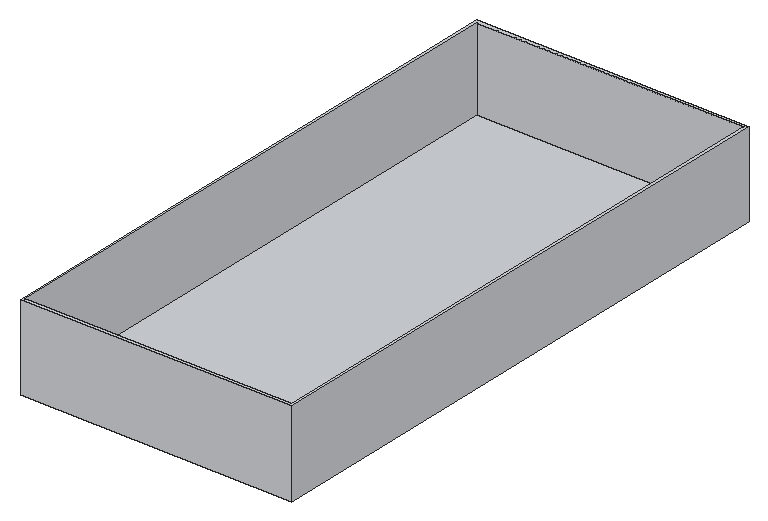
Revit family "Hager-Volta-IP30-Surface_mounted-leer-CH-de", category Electrical Equipment, host Face, Revit 2020
Family settings
  Host = Face
  Panel Configuration = Two Columns, Circuits Across
  Round Connector Dimension = Use Diameter
  Part Type = Panelboard
  Cut with Voids When Loaded = No
  Shared = No
  Room Calculation Point = No
Parameters (values of type "Aufputz IP30 B305 H640 T96.5 12 Teilungseinheiten - VA48MD")
  Width Control [instance] = if([HG000006 - Unterputz], if([EF000846 - Einbaubreite] > min_whd, [EF000846 - Einbaubreite], min_whd), if([EF000008 - Breite] > min_whd, ([EF000008 - Breite]), min_whd))  # 305 mm
  Void Depth [instance] = if([HG000006 - Unterputz], Depth Control, 1 mm)  # 1 mm
  Type Comments = [HG000003 - Bereich]  # "Volta"
  System Height [instance] = Height Control - 2 * [HG000005 - Dicke]  # 634 mm
  Model = [HG000004 - Herstellerreferenz]  # "VA48MD"
  HG000017 - Distanz zwischen den Polen = 18 mm
  HG000016 - 3D-Türsichtbarkeit [instance] = yes
  HG000015 - Sichtbarkeit der Türöffnung [instance] = no
  HG000014 - Tür rechts [instance] = yes
  HG000013 - Tür links [instance] = not([HG000014 - Tür rechts])  # no
  HG000012 - Türschwenkwinkel [instance] = 45.00°
  HG000011 - Leere Reihen von unten = no
  HG000010 - Asymmetrische Türen = no
  HG000009 - Doppelflügeligen Tür = no
  HG000008 - Anzahl der leeren Reihen = 0
  HG000007 - Anzahl der leeren Spalten = 0
  HG000006 - Unterputz = no
  HG000005 - Dicke = 3 mm  # constant formula
  HG000004 - Herstellerreferenz = "VA48MD"
  HG000003 - Bereich = "Volta"
  HG000002 - Mit tür = no
  HG000001 - Anzahl der Spalten = 0
  EF015941 - Signaldurchlassende Tür = no
  EF015777 - Neutralleiterklemmenblock = no
  EF015776 - Erdungsklemmenblock = no
  EF009212 - Ausführung Deckel = "EV009916 - mit Ausschnitt"
  EF006306 - Mit Schloss = no
  EF006244 - Transparenter Deckel/Tür = no
  EF005474 - Schutzart (IP) = "EV006410 - IP30"
  EF004462 - Art der Schließung = ""
  EF002950 - Breite in Teilungseinheiten = 12
  EF001596 - Werkstoff des Gehäuses = ""
  EF001134 - DIN-Schiene = no
  EF001131 - Innentiefe = 0 mm
  EF001088 - Anbaumöglichkeit = yes
  EF001062 - EMV-Ausführung = no
  EF000846 - Einbaubreite = 0 mm
  EF000339 - Art der Abdeckung = "EV000494 - ohne"
  EF000332 - Einbauhöhe = 0 mm
  EF000266 - Anzahl der Reihen = 0
  EF000218 - Einbautiefe = 0 mm
  EF000118 - Mit Montageplatte = yes
  EF000116 - RAL-Nummer = "9010"
  EF000049 - Tiefe = 96 mm
  EF000040 - Höhe = 640 mm
  EF000008 - Breite = 305 mm
  EF000007 - Farbe = ""
  EF000003 - Montageart = "EV000384 - Aufputz"
  Arrow Offset [instance] = Depth Control / 8  # 12 mm
  Arrow Height [instance] = Depth Control - Arrow Offset  # 84 mm
  Host Offset [instance] = if([HG000006 - Unterputz], 0 mm, [EF000049 - Tiefe])  # 96 mm
  min_whd [instance] = (2 * [HG000005 - Dicke]) + 1 mm  # 7 mm
  Manufacturer = "Hager"  # constant formula
  Height Control [instance] = if([HG000006 - Unterputz], if([EF000332 - Einbauhöhe] > min_whd, [EF000332 - Einbauhöhe], min_whd), if([EF000040 - Höhe] > min_whd, ([EF000040 - Höhe]), min_whd))  # 640 mm
  Flush Mounted - Door Frame Width [instance] = if(([EF000040 - Höhe] - [EF000332 - Einbauhöhe]) > 0 mm, if([HG000006 - Unterputz], [EF000040 - Höhe] - [EF000332 - Einbauhöhe], 0 mm), 0 mm)  # 0 mm
  Depth Control [instance] = if([HG000006 - Unterputz], if([EF000218 - Einbautiefe] > 0 mm, [EF000218 - Einbautiefe], 1 mm), if([EF000049 - Tiefe] > 0 mm, ([EF000049 - Tiefe]), 1 mm))  # 96 mm
  Default Elevation = 0 mm
Reference planes
  plane 1 "Center (Front/Back)": y = 0
  plane 2: z = 0
  plane 3 "Center (Left/Right)": x = 0
  plane 4: z = 96
  plane 5: y = 3
  plane 6: z = 91
  plane 7: y = 320
  plane 8: y = 0
  plane 9: y = 640
  plane 10: z = 0
  plane 11: x = -152.5
  plane 12: x = 152.5
  plane 13: x = 149.5
  plane 14: x = -149.5
  plane 15: y = 637
  plane 16: z = 3
  plane 17: z = 93
  plane 18: z = -1
  plane 19: z = 93
Forms (mm)
  Extrusion 1, solid
    sketch origin (-583.045, 0, 1219.2) x (-1, 0, 0) y (0, 0, 1)
      loop
        line (-430.545, -1123.2) -> (-735.545, -1123.2) -> (-735.545, -1219.2) -> (-430.545, -1219.2) -> (-430.545, -1123.2)
    from 0 to 640 <- "Height Control"
  Extrusion 2, void
    sketch origin (-381.607, -4572, 96) x (0, -1, 0) y (-1, 0, 0)
      loop
        line (-5209, -232.107) -> (-5209, -531.107) -> (-4575, -531.107) -> (-4575, -232.107) -> (-5209, -232.107)
    from 0 to 93
  Extrusion 3, void
    sketch origin (0, 0, 0) x (1, 0, 0) y (0, 1, 0)
      loop
        line (-152.5, 0) -> (152.5, 0) -> (152.5, 640) -> (-152.5, 640) -> (-152.5, 0)
    from -1 to 1
  Extrusion 4, solid, detail levels coarse+medium
    sketch origin (-381.607, -4572, 96) x (-1, 0, 0) y (0, -1, 0)
      loop
        line (-232.107, -5209) -> (-232.107, -4575) -> (-531.107, -4575) -> (-531.107, -5209) -> (-232.107, -5209)
    from 0 to -3
Cuts and joins
  Extrusion 2 cuts Extrusion 1
Dimensions and locks
  plane 4 to plane 6 = 5 mm
  "Host Offset": plane 4 to host face
  "Flush Mounted - Door Frame Width": plane 1 "Center (Front/Back)" to plane 8
  "HG000005 - Dicke": plane 5 to plane 8
  locked: connector elem to plane 3 "Center (Left/Right)"
  "Height Control": plane 9 to plane 8
  equal spacing: plane 9, plane 7, plane 8
  locked: connector elem to plane 7
  "Depth Control": plane 4 to plane 10
  "HG000005 - Dicke": plane 11 to plane 14
  "HG000005 - Dicke": plane 12 to plane 13
  equal spacing: plane 11, plane 3 "Center (Left/Right)", plane 12
  "Width Control": plane 11 to plane 12
  "Arrow Offset": nested 4 to plane 10
  "HG000005 - Dicke": plane 9 to plane 15
  "HG000005 - Dicke": plane 16 to plane 10
  "HG000005 - Dicke": plane 4 to plane 17
  "Void Depth": plane 2 to plane 18
  "HG000005 - Dicke": plane 4 to plane 19
  aligned and locked: plane 2 to host face
  aligned and locked: level to host face
  aligned and locked: plane 3 "Center (Left/Right)" to nested 2
  aligned and locked: plane 4 to nested 2
  aligned and locked: nested 2 to plane 8
  aligned and locked: nested 1 to plane 6
  aligned and locked: plane 5 to nested 1
  aligned and locked: nested 4 to plane 11
  aligned and locked: nested 3 to plane 4
  aligned and locked: Extrusion 1 sketch curve to plane 12
  aligned and locked: Extrusion 1 sketch curve to plane 11
  aligned and locked: nested 3 to plane 10
  aligned and locked: plane 10 to Extrusion 1 sketch curve
  aligned and locked: plane 5 to Extrusion 2 sketch curve
  aligned and locked: Extrusion 2 sketch curve to plane 15
  aligned and locked: Extrusion 2 sketch curve to plane 14
  aligned and locked: Extrusion 2 sketch curve to plane 13
  aligned and locked: plane 11 to Extrusion 3 sketch curve
  aligned and locked: plane 9 to Extrusion 3 sketch curve
  aligned and locked: Extrusion 3 sketch curve to plane 8
  aligned and locked: plane 12 to Extrusion 3 sketch curve
  aligned and locked: nested 3 to plane 12
  aligned and locked: Extrusion 3 to plane 18
  aligned and locked: Extrusion 2 to plane 16
  aligned and locked: Extrusion 1 sketch curve to plane 4
  aligned and locked: Extrusion 4 to plane 17
  aligned and locked: Extrusion 4 sketch curve to plane 15
  aligned and locked: Extrusion 4 sketch curve to plane 13
  aligned and locked: Extrusion 4 sketch curve to plane 14
  aligned and locked: plane 5 to Extrusion 4 sketch curve
Automatic sketch dimensions
  host sketch curve to host sketch curve = 1469.727 mm
  host sketch curve to host sketch curve = 1434.803 mm
Nested families
  nested 1: "Hager_Enclosure_System" at (0, 3, 91) x (1, 0, 0) z (0, 1, 0), Depth <- "HG000005 - Dicke", Height <- "System Height", Width <- "EF000008 - Breite", Border <- "HG000005 - Dicke", Flush_Mounted <- "HG000006 - Unterputz", Built-in_Width <- "EF000846 - Einbaubreite", Row_Module_Multiplicator <- "EF002950 - Breite in Teilungseinheiten", Total_No_Empty_Rows <- "HG000008 - Anzahl der leeren Reihen", Total_No_Rows <- "EF000266 - Anzahl der Reihen", Empty_Columns <- "HG000007 - Anzahl der leeren Spalten", Width_Control <- "Width Control", Empty_Rows_From_Bottom <- "HG000011 - Leere Reihen von unten", Distance_Between_Poles <- "HG000017 - Distanz zwischen den Polen", Rows_Count <- "EF000266 - Anzahl der Reihen", Columns_Count <- "HG000001 - Anzahl der Spalten", type "Hager_Enclosure_System", detail levels fine
    with Width_Control 305 mm, Width 305 mm, Total_No_Rows 0, Total_No_Empty_Rows 0, Total_No_Columns 1, System_Width 299 mm, Rows_Count 0, Rows_Column 0, Row_Module_Multiplicator 12, Panel_4 no, Panel_3 no, Panel_2 no, Panel_1 no, No_Panels_Ctrl 1, Hide_Columns yes, Height 634 mm, Flush_Mounted no, Empty_Rows_From_Bottom no, Empty_Rows_Column 0, Empty_Columns 0, Distance_Between_Poles 18 mm, Depth 3 mm, Columns_Count 0, Column_Width 299 mm, Built-in_Width 0 mm, Border 3 mm
  nested 2: "Hager_Enclosure_Door" at (0, 0, 96) x (1, 0, 0) z (0, 1, 0), Border <- "HG000005 - Dicke", Door_Right <- "HG000014 - Tür rechts", Flush_Mounted <- "HG000006 - Unterputz", Depth <- "EF000049 - Tiefe", Width <- "EF000008 - Breite", Door_Left <- "HG000013 - Tür links", 3d_Door <- "HG000016 - 3D-Türsichtbarkeit", BuiltIn_Width <- "EF000846 - Einbaubreite", BuiltIn_Height <- "EF000332 - Einbauhöhe", BuiltIn_Depth <- "EF000218 - Einbautiefe", Angle <- "HG000012 - Türschwenkwinkel", Assymetrical <- "HG000010 - Asymmetrische Türen", Double <- "HG000009 - Doppelflügeligen Tür", Clearance <- "HG000015 - Sichtbarkeit der Türöffnung", Transparent <- "EF006244 - Transparenter Deckel/Tür", Door <- "HG000002 - Mit tür", Height_Ctrl <- "Height Control", Width_Ctrl <- "Width Control", Height <- "EF000040 - Höhe", type "Hager_Enclosure_Door", detail levels medium+fine
    with min_wh 7 mm, Width_Ctrl 305 mm, Width 305 mm, Transparent_Door_No_Bottom_Border no, Transparent no, Leaf_Width 296 mm, Leaf_Tolerance 1.5 mm, Leaf_Height 631 mm, Leaf_2_Width 296 mm, Leaf_2_Offset 148 mm, Leaf_1_Width 296 mm, Leaf_1_Offset 148 mm, Height_Ctrl 640 mm, Height 640 mm, Frame_Width_Ctrl 305 mm, Frame_Width 305 mm, Frame_Internal_Offset 0 mm, Frame_Height_Ctrl 640 mm, Frame_Height 640 mm, Frame_Depth_Ctrl 1 mm, Frame_Depth 0 mm, Flush_Mounted no, Double_Clearance_Ctrl no, Double no, Door_Right_Ctrl no, Door_Right yes, Door_Left_Ctrl no, Door_Left no, Door no, Depth 96 mm, Clearance_Depth 296 mm, Clearance_Ctrl no, Clearance no, BuiltIn_Width 0 mm, BuiltIn_Height 0 mm, BuiltIn_Depth 0 mm, Border 3 mm, Assymetrical no, Angle 45.00°, 3d_Door yes
  nested 3: "Hager_Enclosure_Symbol_Triangle" at (-152.5, 0, 0) x (1, 0, 0) z (0, -1, 0), Depth <- "Depth Control", Width <- "Width Control", type "Hager_Enclosure_Symbol_Triangle"
    with Width_Ctrl 305 mm, Width 305 mm, Depth_Ctrl 96 mm, Depth 96 mm
  nested 4: "Hager_Enclosure_Symbol_Arrow" at (-152.5, 0, 12) x (1, 0, 0) z (0, -1, 0), Height <- "Arrow Height", type "Hager_Enclosure_Symbol_Arrow"
    with Width_Inside 6.3 mm, Width 75.6 mm, Height_Ctrl 84 mm, Height 84 mm
Connectors
  electrical at (0, 320, 0)
    settings: on plane 10, index 1, voltage 0 V, apparent load 0 VA, apparent load phase1 0 VA, apparent load phase2 0 VA, apparent load phase3 0 VA, power factor 1, load classification "Other", number of poles 1, system type 30, power factor state 1, is connector primary yes, connector utility no, sub classification motor no, connector description ""
Definition of nested family "Hager_Enclosure_Door"
  Parameters (values of type "Hager_Enclosure_Door")
    min_wh [instance] = (2 * Border) + 1 mm  # 11 mm
    Width_Ctrl [instance] = 400 mm
    Width [instance] = 500 mm
    Transparent_Door_No_Bottom_Border [instance] = no
    Transparent [instance] = yes
    Leaf_Width [instance] = if((Width_Ctrl - 2 * Border - 2 * Leaf_Tolerance) > 0 mm, (Width_Ctrl - 2 * Border - 2 * Leaf_Tolerance), min_wh)  # 387 mm
    Leaf_Tolerance [instance] = 1.5 mm  # constant formula
    Leaf_Height [instance] = if((Height_Ctrl - 2 * Border - 2 * Leaf_Tolerance) > 0 mm, (Height_Ctrl - 2 * Border - 2 * Leaf_Tolerance), min_wh)  # 387 mm
    Leaf_2_Width [instance] = if(and(and(Double, Assymetrical), Door_Left), (Leaf_Width / 3) - (Leaf_Tolerance / 2), if(and(and(Double, Assymetrical), Door_Right), (Leaf_Width / 3) * 2 - (Leaf_Tolerance / 2), if(and(Double, not(Assymetrical)), (Leaf_Width / 2) - Leaf_Tolerance, Leaf_Width)))  # 387 mm
    Leaf_2_Offset [instance] = if(and(Double, Assymetrical), Leaf_2_Width / 2, if(and(Double, not(Assymetrical)), Leaf_Width / 4, Leaf_Width / 2))  # 193.5 mm
    Leaf_1_Width [instance] = if(and(and(Double, Assymetrical), Door_Right), (Leaf_Width / 3) - (Leaf_Tolerance / 2), if(and(and(Double, Assymetrical), Door_Left), (Width / 3) * 2 - (Leaf_Tolerance / 2), if(and(Double, not(Assymetrical)), (Leaf_Width / 2) - Leaf_Tolerance, Leaf_Width)))  # 387 mm
    Leaf_1_Offset [instance] = if(and(Double, Assymetrical), Leaf_1_Width / 2, if(and(Double, not(Assymetrical)), Leaf_Width / 4, Leaf_Width / 2))  # 193.5 mm
    Height_Ctrl [instance] = 400 mm
    Height [instance] = 500 mm
    Frame_Width_Ctrl [instance] = if(Frame_Width > 0 mm, Frame_Width, 1 mm)  # 1 mm
    Frame_Width [instance] = Width - BuiltIn_Width  # 0 mm
    Frame_Internal_Offset [instance] = if(Flush_Mounted, Border, 0 mm)  # 5 mm
    Frame_Height_Ctrl [instance] = if(Frame_Height > 0 mm, Frame_Height, 1 mm)  # 1 mm
    Frame_Height [instance] = Height - BuiltIn_Height  # 0 mm
    Frame_Depth_Ctrl [instance] = if(Frame_Depth > 0 mm, Frame_Depth, 1 mm)  # 1 mm
    Frame_Depth [instance] = if(Depth - BuiltIn_Depth > 0 mm, if(Flush_Mounted, Depth - BuiltIn_Depth, 0 mm), 0 mm)  # 0 mm
    Flush_Mounted [instance] = yes
    Double_Clearance_Ctrl [instance] = and(Double, Clearance)  # no
    Double [instance] = no
    Door_Right_Ctrl [instance] = and(or(Door_Right, Double), Door)  # yes
    Door_Right [instance] = yes
    Door_Left_Ctrl [instance] = and(or(Door_Left, Double), Door)  # no
    Door_Left [instance] = no
    Door [instance] = yes
    Depth [instance] = 500 mm
    Default Elevation = 1219.2 mm
    Clearance_Material = none
    Clearance_Depth [instance] = if(Leaf_1_Width > Leaf_2_Width, Leaf_1_Width, Leaf_2_Width)  # 387 mm
    Clearance_Ctrl [instance] = and(not(Double), Clearance)  # yes
    Clearance [instance] = yes
    BuiltIn_Width [instance] = 500 mm
    BuiltIn_Height [instance] = 500 mm
    BuiltIn_Depth [instance] = 500 mm
    Border [instance] = 5 mm
    Assymetrical [instance] = yes
    Angle [instance] = 30.00°
    3d_Door [instance] = yes
  Reference planes
    plane 1 "Center (Front/Back)": y = 0
    plane 2 "Bottom": z = 0
    plane 3 "Center (Left/Right)": x = 0
    plane 4: z = 400
    plane 5: x = -200
    plane 6: x = 200
    plane 7: z = 395
    plane 8: x = -195
    plane 9: z = 5
    plane 10: x = 195
    plane 11: y = 0
    plane 12: z = 6.5
    plane 13: x = -582
    plane 14: y = -387
    plane 15: x = 582
    plane 16: x = 0
    plane 17: x = 0
    plane 18: x = -193.5
    plane 19: x = 193.5
    plane 20: z = 393.5
  Forms (mm)
    Extrusion 1, solid, visible <- "Flush_Mounted"
      sketch origin (0, 0, 0) x (1, 0, 0) y (0, 0, 1)
        loop
          line (195, 5) -> (195, 395) -> (-195, 395) -> (-195, 5) -> (195, 5)
        loop
          line (-201, 401) -> (-201, -1) -> (201, -1) -> (201, 401) -> (-201, 401)
      from 0 to 1 <- "Frame_Depth_Ctrl"
    Extrusion 2, solid, material <- "Clearance_Material", visible <- "Double_Clearance_Ctrl"
      sketch origin (1200, 0, 0) x (1, 0, 0) y (0, 0, -1)
        loop
          line (-1782, -393.5) -> (-618, -393.5) -> (-618, 0) -> (-1782, 0) -> (-1782, -393.5)
      from 0 to -387
  Dimensions and locks
    equal spacing: plane 5, plane 3 "Center (Left/Right)", plane 6
    "Width_Ctrl": plane 5 to plane 6
    "Border": plane 5 to plane 8
    "Border": plane 6 to plane 10
    "Border": plane 9 to level
    "Border": plane 4 to plane 7
    "Height_Ctrl": plane 4 to level
    "Leaf_Tolerance": plane 12 to plane 9
    "Frame_Depth": plane 11 to plane 1 "Center (Front/Back)"
    "Frame_Width_Ctrl": plane 5 to Extrusion 1 sketch curve
    "Frame_Width_Ctrl": plane 6 to Extrusion 1 sketch curve
    "Frame_Width_Ctrl": Extrusion 1 sketch curve to plane 4
    "Frame_Width_Ctrl": plane 2 "Bottom" to Extrusion 1 sketch curve
    "Leaf_1_Offset": plane 18 to plane 16
    "Leaf_2_Offset": plane 17 to plane 19
    "Leaf_1_Width": plane 13 to plane 8
    "Leaf_2_Width": plane 10 to plane 15
    "Clearance_Depth": plane 14 to plane 1 "Center (Front/Back)"
    "Leaf_Tolerance": plane 8 to plane 18
    "Leaf_Tolerance": plane 19 to plane 10
    "Leaf_Tolerance": plane 7 to plane 20
    "Frame_Internal_Offset": plane 5 to Extrusion 1 sketch curve
    "Frame_Internal_Offset": Extrusion 1 sketch curve to plane 2 "Bottom"
    "Frame_Internal_Offset": plane 6 to Extrusion 1 sketch curve
    "Frame_Internal_Offset": plane 4 to Extrusion 1 sketch curve
    aligned and locked: level to plane 2 "Bottom"
    aligned and locked: nested 1 to plane 16
    aligned and locked: nested 2 to plane 17
    aligned and locked: Extrusion 2 to plane 13
    aligned and locked: plane 15 to Extrusion 2
    aligned and locked: Extrusion 2 to plane 14
    aligned and locked: plane 12 to nested 1
    aligned and locked: nested 2 to plane 12
    aligned and locked: Extrusion 2 to plane 11
    aligned and locked: plane 20 to Extrusion 2
    aligned and locked: nested 2 to plane 11
    aligned and locked: nested 1 to plane 11
  Automatic sketch dimensions
    Extrusion 2 sketch curve to level = 0 mm
    plane 5 to Extrusion 2 sketch curve = 382 mm
    plane 6 to Extrusion 2 sketch curve = 382 mm
    Extrusion 2 sketch curve to plane 4 = 6.5 mm
  Nested families
    nested 1: "Hager_Enclosure_Door_Leaf" at (0, 0, 6.5), Width <- "Leaf_1_Width", visible <- "Door_Left_Ctrl", Leaf_Height <- "Leaf_Height", Angle <- "Angle", Depth <- "Border", 3d_Door <- "3d_Door", Transparent <- "Transparent", Clearance Material <- "Clearance_Material", Clearance <- "Clearance_Ctrl", Transparent_Door_No_Bottom_Border <- "Transparent_Door_No_Bottom_Border", type "Hager_Enclosure_Door_Leaf"
      with Width 387 mm, Transparent_Door_No_Bottom_Border no, Transparent_Door_Border_Bottom_Top 25 mm, Transparent_Door_Border 25 mm, Transparent_Ctrl yes, Transparent yes, Standard no, Leaf_Height 387 mm, Glass_Offset 1 mm, Depth 5 mm, Clearance Material none, Clearance yes, Angle_Ctrl 30.00°, Angle 30.00°, 3d_Door yes
    nested 2: "Hager_Enclosure_Door_Leaf" at (0, 0, 6.5) x (-1, 0, 0) z (0, 0, 1), Width <- "Leaf_2_Width", visible <- "Door_Right_Ctrl", Leaf_Height <- "Leaf_Height", Angle <- "Angle", Depth <- "Border", 3d_Door <- "3d_Door", Transparent <- "Transparent", Clearance Material <- "Clearance_Material", Clearance <- "Clearance_Ctrl", Transparent_Door_No_Bottom_Border <- "Transparent_Door_No_Bottom_Border", type "Hager_Enclosure_Door_Leaf"
      with Width 387 mm, Transparent_Door_No_Bottom_Border no, Transparent_Door_Border_Bottom_Top 25 mm, Transparent_Door_Border 25 mm, Transparent_Ctrl yes, Transparent yes, Standard no, Leaf_Height 387 mm, Glass_Offset 1 mm, Depth 5 mm, Clearance Material none, Clearance yes, Angle_Ctrl 30.00°, Angle 30.00°, 3d_Door yes
  Definition of nested family "Hager_Enclosure_Door_Leaf"
    Parameters (values of type "Hager_Enclosure_Door_Leaf")
      Width [instance] = 2000 mm
      Transparent_Door_No_Bottom_Border [instance] = yes
      Transparent_Door_Border_Bottom_Top [instance] = if(Transparent_Door_No_Bottom_Border, 0.1 mm, Transparent_Door_Border)  # 0.1 mm
      Transparent_Door_Border [instance] = if(Transparent_Door_No_Bottom_Border, (Width * 0.12), 25 mm)  # 240 mm
      Transparent_Ctrl [instance] = and(Transparent, [3d_Door])  # yes
      Transparent [instance] = yes
      Standard [instance] = and(not(Transparent), [3d_Door])  # no
      Leaf_Height [instance] = 2720.336 mm
      Glass_Offset [instance] = if((Depth - 10 mm) / 2 > 0 mm, (Depth - 10 mm) / 2, 1 mm)  # 15 mm
      Glass_Material = none
      Depth [instance] = 40 mm
      Default Elevation = 0 mm
      Clearance Material [instance] = none
      Clearance [instance] = yes
      Angle_Ctrl [instance] = if(Angle > 170.00°, 170.00°, Angle)  # 45.00°
      Angle [instance] = 45.00°
      3d_Door [instance] = yes
    Reference planes
      plane 1 "Center (Front/Back)": y = 0
      plane 2: z = 0
      plane 3 "Center (Left/Right)": x = 0
      plane 4: y = 2000
      plane 5: x = -1000
      plane 6: x = 1000
      plane 7: x = -3000
      plane 8: z = 2720.336
      plane 9: z = 0.1
      plane 10: z = 2720.236
      plane 11: x = 760
      plane 12: x = -760
    Forms (mm)
      Extrusion 1, solid, material <- "Clearance Material", visible <- "Clearance"
        sketch origin (0, 0, 0) x (1, 0, 0) y (0, 0, 1)
          loop
            line (-3000, 2720.336) -> (-3000, 0) -> (1000, 0) -> (1000, 2720.336) -> (-3000, 2720.336)
        from 0 to -2000
      Extrusion 2, solid, visible <- "Standard", detail levels medium+fine
        sketch origin (-1000, 0, 0) x (0.707107, 0.707107, 0) y (-0.707107, 0.707107, 0)
          loop
            line (0, -40) -> (2000, -40) -> (2000, 0) -> (0, 0) -> (0, -40)
        from 0 to 2720.336 <- "Leaf_Height"
      Extrusion 3, solid, visible <- "Transparent_Ctrl", detail levels medium+fine
        sketch origin (-1000, 0, 0) x (0.707107, 0.707107, 0) y (-0.707107, 0.707107, 0)
          loop
            line (0, -40) -> (2000, -40) -> (2000, 0) -> (0, 0) -> (0, -40)
        from 0 to 2720.336 <- "Leaf_Height"
      Extrusion 4, void, detail levels medium+fine
        sketch origin (-1000, 0, 0) x (-0.707107, 0.707107, 0) y (0.707107, 0.707107, 0)
          loop
            line (0, 240) -> (0, 1760) -> (-40, 1760) -> (-40, 240) -> (0, 240)
        from -2720.236 to -0.1
      Extrusion 5, solid, material <- "Glass_Material", visible <- "Transparent_Ctrl", detail levels medium+fine
        sketch origin (-1000, 0, 0) x (0.707107, 0.707107, 0) y (-0.707107, 0.707107, 0)
          loop
            line (240, -15) -> (240, -25) -> (1760, -25) -> (1760, -15) -> (240, -15)
        from 0.1 to 2720.236
    Cuts and joins
      Extrusion 4 cuts Extrusion 3
    Lines and regions (mm)
      symbolic lines
        curve 1: line (1000, 0, 0) -> (-3000, 0, 0)
        curve 2: arc (1000, 0, 0) -> (-1000, 2000, 0) -> (-3000, 0, 0) r 2000
        curve 4: line (-1000, 0, 0) -> (414.214, 1414.214, 0)
      reference lines
        curve 3: line (-1000, 0, 0) -> (414.214, 1414.214, 0)
      symbolic lines, detail levels medium+fine
        curve 5: line (414.214, 1414.214, 0) -> (442.498, 1385.929, 0)
        curve 6: line (442.498, 1385.929, 0) -> (-971.716, -28.284, 0)
        curve 7: line (-971.716, -28.284, 0) -> (-1000, 0, 0)
        curve 8: line (-1000, 0, 2720.336) -> (1000, 0, 2720.336)
        curve 9: line (-1000, 0, 0) -> (-1000, 0, 2720.336)
        curve 10: line (1000, 0, 0) -> (-1000, 0, 0)
        curve 11: line (1000, 0, 2720.336) -> (1000, 0, 0)
      symbolic lines, visible <- "Transparent_Ctrl", detail levels medium+fine
        curve 12: line (-760, 0, 2720.236) -> (760, 0, 2720.236)
        curve 13: line (-760, 0, 0.1) -> (-760, 0, 2720.236)
        curve 14: line (760, 0, 0.1) -> (-760, 0, 0.1)
        curve 15: line (760, 0, 2720.236) -> (760, 0, 0.1)
    Dimensions and locks
      "Width": plane 1 "Center (Front/Back)" to plane 4
      equal spacing: plane 5, plane 3 "Center (Left/Right)", plane 6
      "Width": plane 5 to plane 6
      "Width": plane 7 to plane 5
      "Leaf_Height": plane 8 to level
      "Depth": curve 6 to curve 3
      "Width": curve 5 to curve 3
      "Width": curve 3 to curve 3
      "Transparent_Door_Border": Extrusion 4 sketch curve to curve 7
      "Transparent_Door_Border": Extrusion 4 sketch curve to curve 5
      "Transparent_Door_Border_Bottom_Top": plane 8 to plane 10
      "Transparent_Door_Border_Bottom_Top": plane 9 to level
      "Glass_Offset": Extrusion 5 sketch curve to curve 4
      "Glass_Offset": Extrusion 5 sketch curve to curve 6
      "Transparent_Door_Border": Extrusion 5 sketch curve to curve 5
      "Transparent_Door_Border": Extrusion 5 sketch curve to curve 7
      "Transparent_Door_Border": plane 12 to plane 5
      "Transparent_Door_Border": plane 6 to plane 11
      "Angle_Ctrl": angle plane 1 "Center (Front/Back)" to curve 3
      aligned and locked: level to plane 2
      aligned and locked: Extrusion 1 to curve 1
      aligned and locked: plane 6 to Extrusion 1
      aligned and locked: Extrusion 1 to plane 1 "Center (Front/Back)"
      aligned and locked: plane 4 to Extrusion 1
      aligned and locked: plane 8 to Extrusion 1
      aligned and locked: curve 4 to curve 3
      aligned and locked: Extrusion 2 sketch curve to curve 7
      aligned and locked: Extrusion 2 sketch curve to curve 6
      aligned and locked: Extrusion 2 sketch curve to curve 5
      aligned and locked: Extrusion 2 sketch curve to curve 3
      aligned and locked: curve 7 to Extrusion 3 sketch curve
      aligned and locked: Extrusion 3 sketch curve to curve 4
      aligned and locked: Extrusion 3 sketch curve to curve 6
      aligned and locked: Extrusion 3 sketch curve to curve 5
      aligned and locked: curve 4 to Extrusion 4 sketch curve
      aligned and locked: curve 6 to Extrusion 4 sketch curve
      aligned and locked: Extrusion 4 to plane 9
      aligned and locked: Extrusion 4 to plane 10
      aligned and locked: Extrusion 5 to plane 9
      aligned and locked: Extrusion 5 to plane 10
      aligned and locked: curve 8 to plane 8
      aligned and locked: plane 5 to curve 9
      aligned and locked: plane 2 to curve 10
      aligned and locked: curve 11 to plane 6
      aligned and locked: plane 10 to curve 12
      aligned and locked: plane 12 to curve 13
      aligned and locked: curve 14 to plane 9
      aligned and locked: plane 11 to curve 15
    Automatic sketch dimensions
      plane 1 "Center (Front/Back)" to curve 2 = 0 mm
      curve 2 to plane 5 = 0 mm
      Extrusion 1 sketch curve to level = 0 mm
      Extrusion 1 sketch curve to plane 7 = 0 mm
      Extrusion 1 sketch curve to plane 6 = 0 mm
      Extrusion 1 sketch curve to plane 8 = 0 mm
      plane 1 "Center (Front/Back)" to curve 3 = 0 mm
      curve 3 to plane 5 = 0 mm
      curve 7 to curve 3 = 0 mm
Definition of nested family "Hager_Enclosure_Symbol_Triangle"
  Parameters (values of type "Hager_Enclosure_Symbol_Triangle")
    Width_Ctrl [instance] = if(Width > 1 mm, Width, 1 mm)  # 498 mm
    Width [instance] = 498 mm
    Depth_Ctrl [instance] = if(Depth > 1 mm, Depth, 1 mm)  # 72 mm
    Depth [instance] = 72 mm
  Reference planes
    plane 1 "Centre (avant/arrière)": y = 0
    plane 2: z = 0
    plane 3 "Centre (gauche/droite)": x = 0
  Lines and regions (mm)
    Filled region 1, type "Solid_Black", in view "Niveau de réf."
      outline origin (0, 0, 0) x (1, 0, 0) y (0, 1, 0)
        loop
          line (0, 0) -> (498, 0) -> (498, 72) -> (0, 0)
    reference lines, in view "Niveau de réf."
      curve 1: line (-206.153, 72, 0) -> (1083.258, 72, 0)
      curve 2: line (498, 405.456, 0) -> (498, -517.619, 0)
  Dimensions and locks
    "Depth_Ctrl": plane 1 "Centre (avant/arrière)" to curve 1
    "Width_Ctrl": plane 3 "Centre (gauche/droite)" to curve 2
    aligned and locked: curve 1 to Filled region 1 sketch curve
    aligned and locked: Filled region 1 sketch curve to plane 1 "Centre (avant/arrière)"
    aligned and locked: curve 2 to Filled region 1 sketch curve
    aligned and locked: plane 3 "Centre (gauche/droite)" to Filled region 1 sketch curve
    aligned and locked: plane 1 "Centre (avant/arrière)" to Filled region 1 sketch curve
  Automatic sketch dimensions
    curve 1 to plane 3 "Centre (gauche/droite)" = 206.153 mm
    curve 2 to curve 1 = 585.258 mm
    plane 1 "Centre (avant/arrière)" to curve 2 = 517.619 mm
    curve 2 to plane 1 "Centre (avant/arrière)" = 405.456 mm
Definition of nested family "Hager_Enclosure_Symbol_Arrow"
  Parameters (values of type "Hager_Enclosure_Symbol_Arrow")
    Width_Inside [instance] = if(Width / 12 > 2 mm, Width / 12, 2 mm)  # 4.987 mm
    Width [instance] = if(Height_Ctrl * 0.9 > 2 mm, Height_Ctrl * 0.9, 2 mm)  # 59.85 mm
    Height_Ctrl [instance] = if(Height > 2 mm, Height, 2 mm)  # 66.5 mm
    Height [instance] = 66.5 mm
  Reference planes
    plane 1 "Centre (avant/arrière)": y = 0
    plane 2: z = 0
    plane 3 "Centre (gauche/droite)": x = 0
    plane 4: x = 59.85
    plane 5: y = 28.263
    plane 6: y = 38.238
    plane 7: y = 66.5
    plane 8: x = 29.925
    plane 9: y = 33.25
  Lines and regions (mm)
    Filled region 1, type "Solid_Black", in view "Niveau de réf."
      outline origin (0, 0, 0) x (1, 0, 0) y (0, 1, 0)
        loop
          line (59.85, 66.5) -> (37.929, 52.827) -> (51.846, 41.935) -> (59.85, 66.5)
    detail lines, in view "Niveau de réf."
      curve 1: line (0, 0, 0) -> (29.925, 38.238, 0)
      curve 2: line (29.925, 38.238, 0) -> (29.925, 28.263, 0)
      curve 3: line (29.925, 28.263, 0) -> (59.85, 66.5, 0)
  Dimensions and locks
    "Width": plane 3 "Centre (gauche/droite)" to plane 4
    "Height_Ctrl": plane 7 to plane 1 "Centre (avant/arrière)"
    equal spacing: plane 3 "Centre (gauche/droite)", plane 8, plane 4
    equal spacing: plane 7, plane 9, plane 1 "Centre (avant/arrière)"
    equal spacing: plane 6, plane 9, plane 5
    "Width_Inside": plane 6 to plane 9
    equal spacing: curve 3, Filled region 1 sketch curve, Filled region 1 sketch curve
    angle Filled region 1 sketch curve to curve 3 = 20.00°
    angle curve 3 to Filled region 1 sketch curve = 20.00°
    locked: curve 3 to Filled region 1 sketch curve (angle 90.00°)
  Automatic sketch dimensions
    plane 1 "Centre (avant/arrière)" to curve 1 = 0 mm
    curve 1 to plane 3 "Centre (gauche/droite)" = 0 mm
    curve 2 to plane 6 = 0 mm
    curve 3 to plane 8 = 0 mm
    curve 3 to plane 4 = 0 mm
    curve 2 to plane 5 = 0 mm
    curve 3 to plane 7 = 0 mm
    Filled region 1 sketch curve to plane 4 = 0 mm
    Filled region 1 sketch curve to plane 7 = 0 mm
